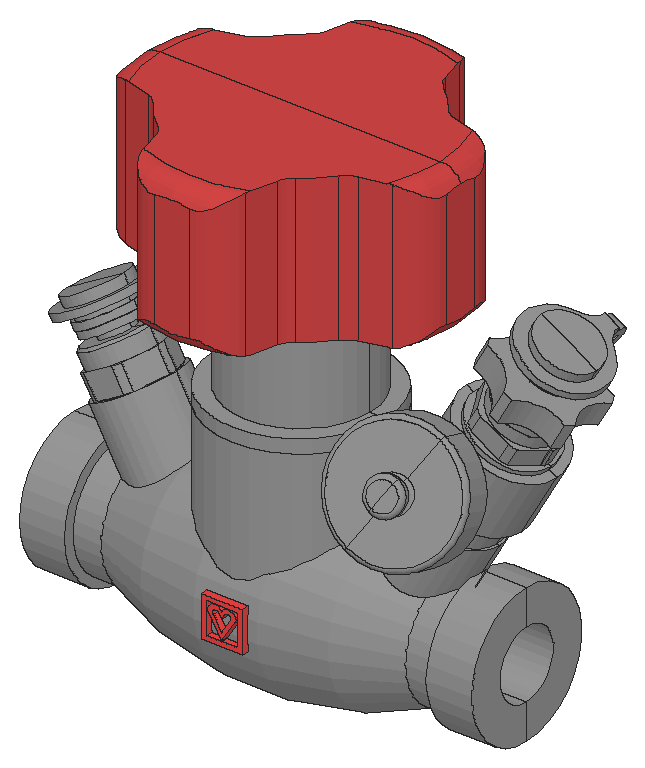
Revit family "HERZ Strömax клапан балансировочный с измерительными клапанами 4217 GML (LF-MF)", category Rohrzubehör, Revit 2020
Family settings
  Bemaßung runder Anschluss = Durchmesser verwenden
  Teiletyp = Unterbricht
  OmniClass-Nummer = 23.65.55.14
  OmniClass-Titel = Valves for Liquid Services
  Arbeitsebenenbasiert = Nein
  Immer vertikal = Ja
  Beim Laden mit Abzugskörper schneiden = Nein
  Gemeinsam genutzt = Nein
Parameters (values of type "LF")
  Среда = "Качество теплоносителя в соответствии с ÖNORM H5195 и VDI 2035.\r\nДопускается использование этилен- и пропиленгликоля в соотношении 25-50% с водой."
  Положение клапана при монтаже = "Неподнимающийся шпиндель, расположенный перпендикулярно оси клапана, обеспечивает доступность и лёгкость в обслуживании в любом монтажном положении."
  Область применения = "Балансировочные клапаны применяются для гидравлической балансировки систем отопления и охлаждения, регулировки магистральных трубопроводов, стояков, теплообменников, регистров отопления и охлаждения."
  Номер заказа [instance] = if(and(LF, Nennweite = 15.00 mm), 1421710, if(and(MF, Nennweite = 15.00 mm), 1421719, 0))  # 1421710
  Макс. рабочее давление = 1600000.0 Pa  # constant formula
  Макс. рабочая температура (с DN40) = 110 °C  # constant formula
  Макс. рабочая температура (до DN32) = 130 °C  # constant formula
  Корпус = "латунь, устойчивая к селективной цинковой коррозии"  # constant formula
  Исполнение = "STRÖMAX-GML Балансировочный клапан с измерительными клапанами и подключением импульсной трубки, 1/2′′ – 3′′.\r\nИсполнение с прямым невыдвижным шпинделем, муфта х муфта, латунный корпус без покрытия, уплотнение шпинделя двойным кольцевым уплотнением O-Ring, преднастройка посредством ограничения хода внутреннего шпинделя, цифровые показания степени настройки отображаются в окне маховика.\r\nОдин измерительный клапан расположен перед седлом балансировочного клапана, другой измерительный клапан с возможностью подключения импульсной трубки - после седла."
  Измерение перепада давления = "Клапаны STRÖMAX-GML оснащен двумя измерительными клапанами:\r\nс помощью измерительного прибора можно измерить перепад давления и по нему определить текущий расход в зависимости от степени преднастройки.\r\nHERZ Измерительный компьютер (1 8900 05) позволяет напрямую считывать расход (см. руководство к измерительным приборам)."
  kvs-значения [instance] = if(and(LF, Nennweite = 15.00 mm), 0.93, if(and(MF, Nennweite = 15.00 mm), 3.49, 0))  # 0.93
  W02 = 60.00°  # constant formula
  W01 = 30.00°  # constant formula
  Vorgabe-Ansicht = 0.00 mm
  URL = "www.herz-armaturen.ru"
  SC_NennweiteBerechnet = 0
  SC_Dimension = ""
  SCRNSEQ = "ARM;ARM_TYP=\"STRV\";2"
  SCRNCODE = "05;07;02"  # constant formula
  S02 = 60.00 mm  # constant formula
  S01 [instance] = H00 + H01  # 68.20 mm
  R01 [instance] = 21.00 mm  # constant formula
  Nennweite [instance] = 15.00 mm
  ML02 [instance] = 30.20 mm  # constant formula
  ML01 [instance] = 20.67 mm  # constant formula
  MF [instance] = no
  MD01 = 9.50 mm  # constant formula
  LF [instance] = yes
  L02 [instance] = 10.00 mm  # constant formula
  L01 [instance] = 16.30 mm  # constant formula
  L00 [instance] = 100.00 mm  # constant formula
  IG [instance] = Nennweite / 2  # 7.50 mm
  Hersteller = "HERZ Armaturen Ges.m.b.H."  # constant formula
  H04 [instance] = 2.50 mm  # constant formula
  H03 = 10.00 mm  # constant formula
  H02 [instance] = 3.00 mm  # constant formula
  H01 [instance] = 33.30 mm  # constant formula
  H00 [instance] = 34.90 mm  # constant formula
  Вес [instance] = if(and(LF, Nennweite = 15.00 mm), "0.98 kg", if(and(MF, Nennweite = 15.00 mm), "0.97 kg", "0 kg"))  # "0.98 kg"
  GT [instance] = 15.00 mm  # constant formula
  DN50-DN80 [instance] = H00 + H01  # 68.20 mm
  DN15-DN40 [instance] = H00 + H01  # 68.20 mm
  DN15 [instance] = Nennweite = 15.00 mm  # yes
  D06 [instance] = 15.40 mm  # constant formula
  D05 [instance] = 13.15 mm  # constant formula
  D04 = 9.00 mm  # constant formula
  D03 [instance] = 19.00 mm  # constant formula
  D02 [instance] = 15.25 mm  # constant formula
  D01 [instance] = 13.20 mm  # constant formula
Types (3, lengths in mm): name | Номер заказа | kvs-значения | MF | LF | Вес
  (no name) | 1421710 | 0.93 | no | yes | "0.98 kg"
  LF | 1421710 | 0.93 | no | yes | "0.98 kg"
  MF | 1421719 | 3.49 | yes | no | "0.97 kg"
Reference planes
  plane 1 "Mitte (Vorne/hinten)": y = 0
  plane 2: z = 0
  plane 3 "Mitte (Links/rechts)": x = 0
Forms (mm)
  Revolve 1, solid, material "Messing, weicher Gelbton, geschweißt", detail levels fine
    sketch origin (0, 0, 0) x (1, 0, 0) y (0, 0, 1)
      loop
        line (-50, 15.25) -> (-50, 7.5) -> (-35, 7.5) -> (-35, 0) -> (35, 0) -> (35, 7.5) -> (50, 7.5) -> (50, 15.25) -> (40, 15.25) -> (40, 13.2) -> (33.7, 13.2)
        arc (33.7, 13.2) -> (0, 21) -> (-33.7, 13.2) r 76.701
        line (-33.7, 13.2) -> (-40, 13.2) -> (-40, 15.25) -> (-50, 15.25)
      axis (-50, 0) -> (50, 0)
    angle from 0 to 360
  Revolve 2, solid, material "Messing, weicher Gelbton, geschweißt", detail levels fine
    sketch origin (0, 0, 0) x (1, 0, 0) y (0, 0, 1)
      loop
        line (20.67, 0) -> (35.77, 26.154) -> (27.543, 30.904) -> (12.443, 4.75) -> (20.67, 0)
      axis (20.67, 0) -> (35.77, 26.154)
    angle from 0 to 360
  Revolve 3, solid, material "Messing, weicher Gelbton, geschweißt", detail levels fine
    sketch origin (0, 0, 0) x (1, 0, 0) y (0, 0, 1)
      loop
        line (0, 0) -> (0, 34.9) -> (-19, 34.9) -> (-19, 0) -> (0, 0)
      axis (0, 34.9) -> (0, 0)
    angle from 0 to 360
  Revolve 4, solid, material "Messing, weicher Gelbton, geschweißt", detail levels fine
    sketch origin (0, 0, 0) x (-1, 0, 0) y (0, 0, 1)
      loop
        line (20.67, 0) -> (35.77, 26.154) -> (27.543, 30.904) -> (12.443, 4.75) -> (20.67, 0)
      axis (20.67, 0) -> (35.77, 26.154)
    angle from 0 to 360
  Revolve 5, solid, material "Messing, weicher Gelbton, geschweißt", detail levels fine
    sketch origin (0, 0, 0) x (1, 0, 0) y (0, 0, 1)
      loop
        line (0, 34.9) -> (0, 68.2) -> (-9, 68.2) -> (-9, 58.2) -> (-13.15, 58.2) -> (-13.15, 55.7) -> (-15.4, 55.7) -> (-15.4, 37.9) -> (-19, 37.9) -> (-19, 34.9) -> (0, 34.9)
      axis (0, 68.2) -> (0, 34.9)
    angle from 0 to 360
Lines and regions (mm)
  model lines, detail levels coarse+medium
    curve 1: line (-50, 0, 15.25) -> (-50, 0, -15.25)
    curve 2: line (-50, 0, -15.25) -> (50, 0, 15.25)
    curve 3: line (50, 0, 15.25) -> (50, 0, -15.25)
    curve 4: line (50, 0, -15.25) -> (-50, 0, 15.25)
    curve 5: line (0, 0, 0) -> (39.375, 0, 68.2)
    curve 6: line (13.395, 0, 83.2) -> (65.356, 0, 53.2)
    curve 7: line (-50, 15.25, 0) -> (-50, -15.25, 0)
    curve 8: line (-50, -15.25, 0) -> (50, 15.25, 0)
    curve 9: line (50, 15.25, 0) -> (50, -15.25, 0)
    curve 10: line (50, -15.25, 0) -> (-50, 15.25, 0)
    curve 11: line (0, 0, 0) -> (39.375, 68.2, 0)
    curve 12: line (13.395, 83.2, 0) -> (65.356, 53.2, 0)
Dimensions and locks
  "IG": Revolve 1 sketch curve to plane 2
  "GT": Revolve 1 sketch curve to Revolve 1 sketch curve  (x2)
  "IG": Revolve 1 sketch curve to Revolve 1 sketch curve
  "D01": Revolve 1 sketch curve to Revolve 1 sketch curve  (x2)
  "R01": Revolve 1 sketch curve to Revolve 1 sketch curve
  "L02": Revolve 1 sketch curve to Revolve 1 sketch curve  (x2)
  "L01": Revolve 1 sketch curve to Revolve 1 sketch curve  (x2)
  "D02": Revolve 1 sketch curve to plane 2  (x2)
  equal spacing: Revolve 1 sketch curve, plane 3 "Mitte (Links/rechts)", Revolve 1 sketch curve
  "L00": Revolve 1 sketch curve to Revolve 1 sketch curve
  "R01": nested 1 to plane 1 "Mitte (Vorne/hinten)"
  "ML01": Revolve 2 sketch curve to plane 3 "Mitte (Links/rechts)"
  "H00": Revolve 3 sketch curve to plane 2
  "D03": Revolve 3 sketch curve to Revolve 3 sketch curve
  "ML02": Revolve 2 sketch curve to Revolve 2 sketch curve
  "MD01": Revolve 2 sketch curve to Revolve 2 sketch curve  (x2)
  "ML02": Revolve 4 sketch curve to Revolve 4 sketch curve
  "MD01": Revolve 4 sketch curve to Revolve 4 sketch curve  (x2)
  "ML01": plane 3 "Mitte (Links/rechts)" to Revolve 4 sketch curve
  "H00": Revolve 5 sketch curve to plane 2
  "H01": Revolve 5 sketch curve to Revolve 5 sketch curve
  "D04": Revolve 5 sketch curve to Revolve 5 sketch curve
  "D03": Revolve 5 sketch curve to Revolve 5 sketch curve
  "D05": Revolve 5 sketch curve to Revolve 5 sketch curve
  "D06": Revolve 5 sketch curve to Revolve 5 sketch curve
  "H02": Revolve 5 sketch curve to Revolve 5 sketch curve
  "H03": Revolve 5 sketch curve to Revolve 5 sketch curve
  "H04": Revolve 5 sketch curve to Revolve 5 sketch curve
  "DN15-DN40": nested 2 to plane 2
  "D02": curve 4 to plane 2 to curve 2
  "D02": curve 3 to plane 2 to curve 4
  equal spacing: curve 1, plane 3 "Mitte (Links/rechts)", curve 3
  "L00": curve 1 to curve 3
  equal spacing: Revolve 1, curve 5, Revolve 1
  "S01": curve 5 to plane 2
  equal spacing: curve 6, curve 5, curve 6
  "S02": curve 6 to curve 6
  "D02": curve 8 to plane 1 "Mitte (Vorne/hinten)" to curve 10
  "D02": curve 10 to plane 1 "Mitte (Vorne/hinten)" to curve 9
  equal spacing: curve 7, plane 3 "Mitte (Links/rechts)", curve 9
  "L00": curve 7 to curve 9
  equal spacing: curve 7, curve 11, curve 9
  "S01": plane 1 "Mitte (Vorne/hinten)" to curve 11
  equal spacing: curve 12, curve 11, curve 12
  "S02": curve 12 to curve 12
  "W01": angle Revolve 2 sketch curve to plane 3 "Mitte (Links/rechts)"  (x2)
  "W01": angle plane 3 "Mitte (Links/rechts)" to Revolve 4 sketch curve  (x2)
  "W02": angle plane 2 to curve 5
  "W02": angle plane 1 "Mitte (Vorne/hinten)" to curve 11
  aligned and locked: level to plane 2
Automatic sketch dimensions
  Revolve 1 sketch curve to level = 0.00 mm  (x2)
  Revolve 1 sketch curve to Revolve 1 sketch curve = 1429.986 mm
  Revolve 1 sketch curve to Revolve 1 sketch curve = 1762.604 mm
  Revolve 2 sketch curve to level = 0.00 mm  (x2)
  Revolve 3 sketch curve to level = 0.00 mm
  Revolve 3 sketch curve to plane 3 "Mitte (Links/rechts)" = 0.00 mm  (x2)
  Revolve 3 sketch curve to Revolve 3 sketch curve = 366.045 mm
  Revolve 3 sketch curve to Revolve 3 sketch curve = 2179.415 mm
  Revolve 4 sketch curve to level = 0.00 mm  (x2)
  Revolve 5 sketch curve to plane 3 "Mitte (Links/rechts)" = 0.00 mm  (x2)
  Revolve 5 sketch curve to level = 366.045 mm
  Revolve 5 sketch curve to Revolve 5 sketch curve = 2146.115 mm
Nested families
  nested 1: "Herz-Logo-vorne" at (0, -21, 0) x (0, 1, 0) z (0, 0, 1), type "Herz-Logo-vorne", detail levels fine
  nested 2: "Strangregulierventil-Handrad-Gerade (Rot) DN15-DN40" at (0, 0, 68.2), visible <- "DN15", type "Strangregulierventil-Handrad-Gerade (Rot) DN15-DN40", detail levels fine
    with Nennweite 0.00 mm, Gewicht 0.00 kg, Bestellnummer 0
  nested 3: "Messstutzen_Band-KFE_Austritt_30Grad_(oben)" at (41.17, 0, 35.507), visible <- "DN15", type "Messstutzen_Band_Austritt_30Grad_(oben)", detail levels fine
    with Schutzkappe yes, Nennweite 0.00 mm, Gewicht 0.00 kg, Bestellnummer 0
  nested 4: "Messstutzen_Band_Eintritt_30Grad_(oben)" at (-27.02, 0, 10.999) x (-1, 0, 0) z (0, 0, 1), visible <- "DN15", type "Messstutzen_Band_Eintritt_30Grad_(oben)", detail levels fine
    with Schutzkappe yes, Nennweite 0.00 mm, Gewicht 0.00 kg, Bestellnummer 0
Connectors
  piping at (-35, 0, 0), diameter 15, driven by "Nennweite"
    settings: on Revolve 1, index 1, connector inside diameter 609.6 mm, connector length 0.00 mm, flow factor 0, pipe flow 0.0 L/s, pressure drop 0.0 Pa, fitting loss kfactor 0, connector angle 0.00°, fixture units 0, engagement length 0.00 mm, angle of deflection 0.00°, flow configuration 0, flow direction 1, fitting loss method 0, system type 29, joint type 0, gender type 0, connector reference index -1, connector utility 0, adjustable connector no, is connector primary yes, connector description ""
  piping at (35, 0, 0), diameter 15, driven by "Nennweite"
    settings: on Revolve 1, index 2, connector inside diameter 609.6 mm, connector length 0.00 mm, flow factor 0, pipe flow 0.0 L/s, pressure drop 0.0 Pa, fitting loss kfactor 0, connector angle 0.00°, fixture units 0, engagement length 0.00 mm, angle of deflection 0.00°, flow configuration 0, flow direction 2, fitting loss method 0, system type 29, joint type 0, gender type 0, connector reference index -1, connector utility 0, adjustable connector no, is connector primary no, connector description ""
Definition of nested family "Herz-Logo-vorne"
  Parameters (values of type "Herz-Logo-vorne")
    Default Elevation = 0.00 mm
  Reference planes
    plane 1 "Mitte (Vorne/hinten)": y = 0
    plane 2: z = 0
    plane 3 "Mitte (Links/rechts)": x = 0
  Forms (mm)
    Extrusion 1, solid
      sketch origin (0.732, -0.018, 0.017) x (0, -1, 0) y (0, 0, 1)
        loop
          line (-0.018, -4.517) -> (4.482, -4.517) -> (4.482, 4.483) -> (-4.518, 4.483) -> (-4.518, -4.517) -> (-0.018, -4.517)
        loop
          line (-0.05, -3.48) -> (3.482, -3.48) -> (3.482, 3.483) -> (-3.518, 3.483) -> (-3.518, -3.48) -> (-0.05, -3.48)
        loop
          arc (-0.018, 2.383) -> (-1.543, 3.287) -> (-3.067, 2.383) r 1.738
          arc (-3.067, 2.383) -> (-3.191, 1.899) -> (-3.067, 1.415) r 1.009
          line (-3.067, 1.415) -> (-0.018, -3.281) -> (3.032, 1.415)
          arc (3.032, 1.415) -> (3.156, 1.899) -> (3.032, 2.383) r 1.009
          arc (3.032, 2.383) -> (1.507, 3.287) -> (-0.018, 2.383) r 1.738
        loop
          arc (1.885, 1.272) -> (2.005, 1.675) -> (1.885, 2.079) r 0.74
          arc (1.885, 2.079) -> (1.265, 2.416) -> (0.644, 2.079) r 0.74
          line (0.644, 2.079) -> (-0.018, 0.97) -> (-0.679, 2.079)
          arc (-0.679, 2.079) -> (-1.3, 2.416) -> (-1.921, 2.079) r 0.74
          arc (-1.921, 2.079) -> (-2.04, 1.675) -> (-1.921, 1.272) r 0.74
          line (-1.921, 1.272) -> (-0.018, -1.658) -> (1.885, 1.272)
      from 0 to 1.5
  Dimensions and locks
    aligned and locked: level to plane 2
Definition of nested family "Strangregulierventil-Handrad-Gerade (Rot) DN15-DN40"
  Parameters (values of type "Strangregulierventil-Handrad-Gerade (Rot) DN15-DN40")
    Default Elevation = 0.00 mm
    URL = "www.herz-armaturen.at"
    Nennweite [instance] = 0.00 mm
    Manufacturer = "Herz Armaturen GmbH"  # constant formula
    Gewicht [instance] = 0.00 kg
    Bestellnummer [instance] = 0
  Reference planes
    plane 1 "Mitte (Vorne/hinten)": y = 0
    plane 2: z = 0
    plane 3 "Mitte (Links/rechts)": x = 0
  Forms (mm)
    Revolve 1, solid, detail levels fine
      sketch origin (0, 0, 0) x (1, 0, 0) y (0, 0, 1)
        loop
          line (0, 0) -> (0, 24.95) -> (-30.992, 24.95)
          arc (-30.992, 24.95) -> (-34.37, 23.636) -> (-35.973, 20.386) r 5
          line (-35.973, 20.386) -> (-37, 8.65) -> (-35.986, -2.936)
          arc (-35.986, -2.936) -> (-34.383, -6.186) -> (-31.005, -7.5) r 5
          line (-31.005, -7.5) -> (-15, -7.5) -> (-15, 0) -> (0, 0)
        axis (0, 24.95) -> (0, -7.5)
      angle from 0 to 360
    Extrusion 2, void
      sketch origin (0, 0, 20.3) x (1, 0, 0) y (0, 1, 0)
        loop
          line (3.861, 35.5) -> (-3.861, 35.5)
          arc (-3.861, 35.5) -> (-8.731, 33.847) -> (-11.589, 29.571) r 8
          line (-11.589, 29.571) -> (-13.284, 23.245)
          arc (-13.284, 23.245) -> (-13.982, 21.722) -> (-15.144, 20.516) r 5
          arc (-15.144, 20.516) -> (-18.031, 18.031) -> (-20.516, 15.144) r 25.5
          arc (-20.516, 15.144) -> (-21.722, 13.982) -> (-23.245, 13.284) r 5
          line (-23.245, 13.284) -> (-29.571, 11.589)
          arc (-29.571, 11.589) -> (-33.847, 8.731) -> (-35.5, 3.861) r 8
          line (-35.5, 3.861) -> (-35.5, -3.861)
          arc (-35.5, -3.861) -> (-33.847, -8.731) -> (-29.571, -11.589) r 8
          line (-29.571, -11.589) -> (-23.245, -13.284)
          arc (-23.245, -13.284) -> (-21.722, -13.982) -> (-20.516, -15.144) r 5
          arc (-20.516, -15.144) -> (-18.031, -18.031) -> (-15.144, -20.516) r 25.5
          arc (-15.144, -20.516) -> (-13.982, -21.722) -> (-13.284, -23.245) r 5
          line (-13.284, -23.245) -> (-11.589, -29.571)
          arc (-11.589, -29.571) -> (-8.731, -33.847) -> (-3.861, -35.5) r 8
          line (-3.861, -35.5) -> (3.861, -35.5)
          arc (3.861, -35.5) -> (8.731, -33.847) -> (11.589, -29.571) r 8
          line (11.589, -29.571) -> (13.284, -23.245)
          arc (13.284, -23.245) -> (13.982, -21.722) -> (15.144, -20.516) r 5
          arc (15.144, -20.516) -> (18.031, -18.031) -> (20.516, -15.144) r 25.5
          arc (20.516, -15.144) -> (21.722, -13.982) -> (23.245, -13.284) r 5
          line (23.245, -13.284) -> (29.571, -11.589)
          arc (29.571, -11.589) -> (33.847, -8.731) -> (35.5, -3.861) r 8
          line (35.5, -3.861) -> (35.5, 3.861)
          arc (35.5, 3.861) -> (33.847, 8.731) -> (29.571, 11.589) r 8
          line (29.571, 11.589) -> (23.245, 13.284)
          arc (23.245, 13.284) -> (21.722, 13.982) -> (20.516, 15.144) r 5
          arc (20.516, 15.144) -> (18.031, 18.031) -> (15.144, 20.516) r 25.5
          arc (15.144, 20.516) -> (13.982, 21.722) -> (13.284, 23.245) r 5
          line (13.284, 23.245) -> (11.589, 29.571)
          arc (11.589, 29.571) -> (8.731, 33.847) -> (3.861, 35.5) r 8
        loop
          circle (0, 0) r 38
      from -31.266 to 7.923
  Cuts and joins
    Extrusion 2 cuts Revolve 1
  Dimensions and locks
    Revolve 1 sketch curve to Revolve 1 sketch curve = 15.00 mm
    Revolve 1 sketch curve to Revolve 1 sketch curve = 16.15 mm
    Revolve 1 sketch curve to Revolve 1 sketch curve = 16.30 mm
    angle Revolve 1 sketch curve to Revolve 1 sketch curve = 95.00°
    aligned and locked: level to plane 2
Definition of nested family "Messstutzen_Band-KFE_Austritt_30Grad_(oben)"
  Parameters (values of type "Messstutzen_Band-KFE_Austritt_30Grad_(oben)")
    Default Elevation = 0.00 mm
    URL = "www.herz-armaturen.at"
    Schutzkappe [instance] = yes
    Nennweite [instance] = 0.00 mm
    Manufacturer = "Herz Armaturen GmbH"  # constant formula
    Gewicht [instance] = 0.00 kg
    Bestellnummer [instance] = 0
  Reference planes
    plane 1 "Mitte (Vorne/hinten)": y = 0
    plane 2: z = 0
    plane 3 "Mitte (Links/rechts)": x = 0
  Forms (mm)
    Revolve 1, solid, detail levels fine
      sketch origin (0, 0, 0) x (0.866025, 0, -0.5) y (0.5, 0, 0.866025)
        loop
          line (-7.4, 9) -> (-5.55, 9) -> (-5.55, 6)
          arc (-5.55, 6) -> (-5.626, 5.617) -> (-5.843, 5.293) r 1
          line (-5.843, 5.293) -> (-6.455, 4.681) -> (-6.455, 0.9) -> (-5.555, 0) -> (-2, 0) -> (-2, 23) -> (-2, 35.8) -> (-3.805, 35.8) -> (-4.415, 35.19) -> (-4.415, 30.863) -> (-3.7, 30.45) -> (-3.7, 27) -> (-7.4, 27) -> (-7.4, 9)
        axis (0, 0) -> (0, 35.8)
      angle from 0 to 360
    Extrusion 2, solid, detail levels fine
      sketch origin (8.75, 0, 15.155) x (0, 1, 0) y (-0.866025, 0, 0.5)
        loop
          arc (-7.07, 5.156) -> (-7.578, 4.375) -> (-8, 3.544) r 8.75
          line (-8, 3.544) -> (-8, -3.544)
          arc (-8, -3.544) -> (-7.578, -4.375) -> (-7.07, -5.156) r 8.75
          line (-7.07, -5.156) -> (-0.93, -8.7)
          arc (-0.93, -8.7) -> (0, -8.75) -> (0.93, -8.7) r 8.75
          line (0.93, -8.7) -> (7.07, -5.156)
          arc (7.07, -5.156) -> (7.578, -4.375) -> (8, -3.544) r 8.75
          line (8, -3.544) -> (8, 3.544)
          arc (8, 3.544) -> (7.578, 4.375) -> (7.07, 5.156) r 8.75
          line (7.07, 5.156) -> (0.93, 8.7)
          arc (0.93, 8.7) -> (0, 8.75) -> (-0.93, 8.7) r 8.75
          line (-0.93, 8.7) -> (-7.07, 5.156)
      from -5.51 to -1.21
    Revolve 3, solid, visible <- "Schutzkappe", detail levels fine
      sketch origin (0, 0, 0) x (0.866025, 0, -0.5) y (0.5, 0, 0.866025)
        loop
          line (0, 35.878) -> (0, 36.678) -> (-7, 36.678) -> (-7, 33.378) -> (-6.1, 33.378) -> (-6.1, 31.678) -> (-6.9, 31.678) -> (-6.9, 30.178) -> (-4.415, 30.178) -> (-4.415, 35.268) -> (-3.805, 35.878) -> (0, 35.878)
        axis (0, 30.178) -> (0, 36.678)
      angle from 0 to 360
    Extrusion 4, solid, detail levels fine
      sketch origin (15, 0, 25.981) x (0, 1, 0) y (0.866025, 0, -0.5)
        loop
          circle (0, 0) r 3.7
        loop
          arc (5.505, -3.906) -> (7.288, -2.358) -> (9.582, -1.8) r 5
          line (9.582, -1.8) -> (9.582, 1.8)
          arc (9.582, 1.8) -> (7.288, 2.358) -> (5.505, 3.906) r 5
          arc (5.505, 3.906) -> (-6.75, 0) -> (5.505, -3.906) r 6.75
      from 0 to -1.5
    Extrusion 5, solid, detail levels fine
      sketch origin (16.589, 0, 28.733) x (0, 1, 0) y (0.866025, 0, -0.5)
        loop
          circle (0, 0) r 6.1
        loop
          arc (8.652, -4.495) -> (10.493, -2.527) -> (13.089, -1.8) r 5
          line (13.089, -1.8) -> (13.089, 1.8)
          arc (13.089, 1.8) -> (10.493, 2.527) -> (8.652, 4.495) r 5
          arc (8.652, 4.495) -> (-9.75, 0) -> (8.652, -4.495) r 9.75
      from 0 to -1.5
    Sweep 6, solid, detail levels fine
      path origin (0, 0, 0) x (-0.5, 0, -0.866025) y (0, 1, 0)
        loop
          line (-29.25, 9.582) -> (-29.25, 14.522)
          arc (-29.25, 14.522) -> (-30.839, 16.112) -> (-32.428, 14.522) r 1.589
          line (-32.428, 14.522) -> (-32.428, 13.089)
      profile origin (14.625, 12.052, 25.331) x (0.5, 0, 0.866025) y (0.866025, 0, -0.5)
        loop
          line (-0.75, -1.8) -> (0.75, -1.8) -> (0.75, 1.8) -> (-0.75, 1.8) -> (-0.75, -1.8)
    Extrusion 7, solid, detail levels fine
      sketch origin (-87.639, 0, 50.598) x (0.866025, 0, -0.5) y (0, 1, 0)
        loop
          arc (112.053, 5.113) -> (111.589, 6) -> (111.053, 6.845) r 12
          arc (111.053, 6.845) -> (105.696, 7.794) -> (102.196, 11.958) r 7.971
          arc (102.196, 11.958) -> (101.196, 12) -> (100.196, 11.958) r 12
          arc (100.196, 11.958) -> (96.696, 7.794) -> (91.34, 6.845) r 7.971
          arc (91.34, 6.845) -> (90.804, 6) -> (90.34, 5.113) r 12
          arc (90.34, 5.113) -> (92.196, 0) -> (90.34, -5.113) r 7.971
          arc (90.34, -5.113) -> (90.804, -6) -> (91.34, -6.845) r 12
          arc (91.34, -6.845) -> (96.696, -7.794) -> (100.196, -11.958) r 7.971
          arc (100.196, -11.958) -> (101.196, -12) -> (102.196, -11.958) r 12
          arc (102.196, -11.958) -> (105.696, -7.794) -> (111.053, -6.845) r 7.971
          arc (111.053, -6.845) -> (111.589, -6) -> (112.053, -5.113) r 12
          arc (112.053, -5.113) -> (110.196, 0) -> (112.053, 5.113) r 7.971
      from 22.3 to 28.5
    Revolve 8, solid, detail levels fine
      sketch origin (-47.563, 0, 4.367) x (-0.866025, 0, 0.5) y (0.5, 0, 0.866025)
        loop
          line (-43.374, 0) -> (-37.874, 0) -> (-36.774, 1.1) -> (-36.774, 4.9) -> (-37.874, 6) -> (-37.874, 8.4) -> (-36.424, 8.4) -> (-36.424, 9.2) -> (-34.424, 9.2) -> (-34.424, 15.59) -> (-31.874, 15.59) -> (-31.874, 30.99) -> (-33.874, 30.99) -> (-33.874, 31.99) -> (-43.374, 31.99) -> (-43.374, 0)
        loop
          line (-43.374, 39) -> (-43.374, 36.29) -> (-35.874, 36.29) -> (-35.874, 39) -> (-43.374, 39)
        axis (-43.374, 39) -> (-43.374, 0)
      angle from 0 to 360
    Revolve 9, solid, detail levels fine
      sketch origin (0, 0, 0) x (0, -1, 0) y (0.5, 0, 0.866025)
        loop
          line (0, -1.01) -> (32.627, 14.204) -> (27.556, 25.08) -> (25.934, 25.67) -> (21.602, 23.65) -> (14.873, 11.994) -> (-2.324, 3.975) -> (0, -1.01)
        axis (32.627, 14.204) -> (0, -1.01)
      angle from 0 to 360
    Revolve 10, solid, detail levels fine
      sketch origin (-19.899, -51.188, -34.465) x (-0.453154, -0.422618, -0.784886) y (0.211309, -0.906308, 0.365998)
        loop
          line (-56.786, 8) -> (-45.747, 8) -> (-45.747, 0) -> (-43.834, 0) -> (-42.786, 1.048) -> (-42.786, 8.048)
          arc (-42.786, 8.048) -> (-43.065, 8.721) -> (-43.738, 9) r 0.952
          line (-43.738, 9) -> (-52.974, 9)
          arc (-52.974, 9) -> (-53.548, 9.238) -> (-53.786, 9.812) r 0.812
          line (-53.786, 9.812) -> (-53.786, 12) -> (-52.786, 12) -> (-52.786, 13.03)
          arc (-52.786, 13.03) -> (-53.07, 13.716) -> (-53.756, 14) r 0.97
          line (-53.756, 14) -> (-56.786, 14) -> (-56.786, 8)
        axis (-56.786, 14) -> (-56.786, 0)
      angle from 0 to 360
  Dimensions and locks
    aligned and locked: level to plane 2
Definition of nested family "Messstutzen_Band_Eintritt_30Grad_(oben)"
  Parameters (values of type "Messstutzen_Band_Eintritt_30Grad_(oben)")
    Default Elevation = 0.00 mm
    URL = "www.herz-armaturen.at"
    Schutzkappe [instance] = yes
    Nennweite [instance] = 0.00 mm
    Manufacturer = "Herz Armaturen GmbH"  # constant formula
    Gewicht [instance] = 0.00 kg
    Bestellnummer [instance] = 0
  Reference planes
    plane 1 "Mitte (Vorne/hinten)": y = 0
    plane 2: z = 0
    plane 3 "Mitte (Links/rechts)": x = 0
  Forms (mm)
    Revolve 1, solid, detail levels fine
      sketch origin (0, 0, 0) x (0.866025, 0, -0.5) y (0.5, 0, 0.866025)
        loop
          line (-7.4, 9) -> (-5.55, 9) -> (-5.55, 6)
          arc (-5.55, 6) -> (-5.626, 5.617) -> (-5.843, 5.293) r 1
          line (-5.843, 5.293) -> (-6.455, 4.681) -> (-6.455, 0.9) -> (-5.555, 0) -> (-2, 0) -> (-2, 17.5) -> (-8.4, 17.5)
          arc (-8.4, 17.5) -> (-7.693, 17.207) -> (-7.4, 16.5) r 1
          line (-7.4, 16.5) -> (-7.4, 9)
        loop
          line (-3.7, 27) -> (-7.3, 27) -> (-7.9, 26.4) -> (-7.9, 23) -> (-2, 23) -> (-2, 35.8) -> (-3.805, 35.8) -> (-4.415, 35.19) -> (-4.415, 30.863) -> (-3.7, 30.45) -> (-3.7, 27)
        axis (0, 0) -> (0, 35.8)
      angle from 0 to 360
    Extrusion 2, solid, detail levels fine
      sketch origin (8.75, 0, 15.155) x (0, 1, 0) y (-0.866025, 0, 0.5)
        loop
          arc (-7.07, 5.156) -> (-7.578, 4.375) -> (-8, 3.544) r 8.75
          line (-8, 3.544) -> (-8, -3.544)
          arc (-8, -3.544) -> (-7.578, -4.375) -> (-7.07, -5.156) r 8.75
          line (-7.07, -5.156) -> (-0.93, -8.7)
          arc (-0.93, -8.7) -> (0, -8.75) -> (0.93, -8.7) r 8.75
          line (0.93, -8.7) -> (7.07, -5.156)
          arc (7.07, -5.156) -> (7.578, -4.375) -> (8, -3.544) r 8.75
          line (8, -3.544) -> (8, 3.544)
          arc (8, 3.544) -> (7.578, 4.375) -> (7.07, 5.156) r 8.75
          line (7.07, 5.156) -> (0.93, 8.7)
          arc (0.93, 8.7) -> (0, 8.75) -> (-0.93, 8.7) r 8.75
          line (-0.93, 8.7) -> (-7.07, 5.156)
      from 0 to 5.5
    Revolve 3, solid, visible <- "Schutzkappe", detail levels fine
      sketch origin (0, 0, 0) x (0.866025, 0, -0.5) y (0.5, 0, 0.866025)
        loop
          line (0, 35.878) -> (0, 36.678) -> (-7, 36.678) -> (-7, 33.378) -> (-6.1, 33.378) -> (-6.1, 31.678) -> (-6.9, 31.678) -> (-6.9, 30.178) -> (-4.415, 30.178) -> (-4.415, 35.268) -> (-3.805, 35.878) -> (0, 35.878)
        axis (0, 30.178) -> (0, 36.678)
      angle from 0 to 360
    Extrusion 4, solid, detail levels fine
      sketch origin (14.25, 0, 24.682) x (0, 1, 0) y (0.866025, 0, -0.5)
        loop
          circle (0, 0) r 3.7
        loop
          arc (5.505, -3.906) -> (7.288, -2.358) -> (9.582, -1.8) r 5
          line (9.582, -1.8) -> (9.582, 1.8)
          arc (9.582, 1.8) -> (7.288, 2.358) -> (5.505, 3.906) r 5
          arc (5.505, 3.906) -> (-6.75, 0) -> (5.505, -3.906) r 6.75
      from 0 to -1.5
    Extrusion 5, solid, detail levels fine
      sketch origin (16.589, 0, 28.733) x (0, 1, 0) y (0.866025, 0, -0.5)
        loop
          circle (0, 0) r 6.1
        loop
          arc (8.652, -4.495) -> (10.493, -2.527) -> (13.089, -1.8) r 5
          line (13.089, -1.8) -> (13.089, 1.8)
          arc (13.089, 1.8) -> (10.493, 2.527) -> (8.652, 4.495) r 5
          arc (8.652, 4.495) -> (-9.75, 0) -> (8.652, -4.495) r 9.75
      from 0 to -1.5
    Sweep 6, solid, detail levels fine
      path origin (0.933, -0.183, 1.116) x (-0.5, 0, -0.866025) y (0, 1, 0)
        loop
          line (-27.75, 9.582) -> (-27.75, 14.522)
          arc (-27.75, 14.522) -> (-30.089, 16.862) -> (-32.428, 14.522) r 2.339
          line (-32.428, 14.522) -> (-32.428, 13.089)
      profile origin (14.808, 11.869, 25.148) x (0.5, 0, 0.866025) y (0.866025, 0, -0.5)
        loop
          line (-0.75, -1.8) -> (0.75, -1.8) -> (0.75, 1.8) -> (-0.75, 1.8) -> (-0.75, -1.8)
  Dimensions and locks
    aligned and locked: level to plane 2
